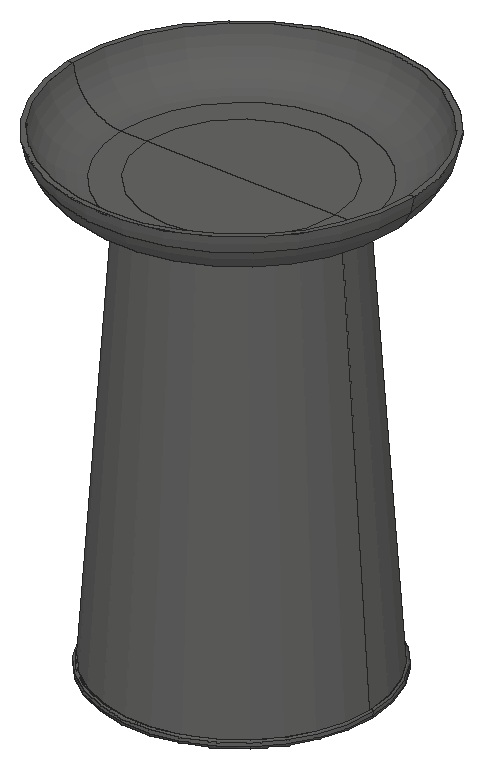
Revit family "Table-Multi_Purpose-Allermuir-Mimosa-MIM05", category Furniture, Revit 2012
Parameters (values of type "MIM05")
  ecoScorecard_data = ""
  ecoScorecard Product Page = ""
  Weight = 0.0 lbf
  Upholstered Seat = ""
  URL = ""
  Subcategory = "Multi-Purpose"
  Specifications URL = ""
  Seat or Top = Fabric - Allermuir - Smooth -Pebbled - Black
  Product Page URL = ""
  Product Line = "Mimosa"
  Pricing URL = ""
  Plugin Data URL = ""
  Overall Width = 15.75"  # constant formula
  Overall Height = 21.66"  # constant formula
  Overall Depth = 15.75"  # constant formula
  Model = "MIM05"  # constant formula
  Manufacturer Toll Free Phone = "(888) 887 5806"  # constant formula
  Manufacturer Phone = "(419) 887 5806"  # constant formula
  Manufacturer Fax = "(419) 887 5805"  # constant formula
  Manufacturer Email = "mailto:contact@allermuir-na.com"
  Manufacturer Address = "1630 Holland Road, Maumee, Ohio 43537 "  # constant formula
  Manufacturer = "Allermuir"  # constant formula
  LEED Stats URL = ""
  Fabric Spec Sheets = ""
  Description = ""
  Default Elevation = 48"
  Color Availability = ""
  CAD Blocks URL = ""
  Brochure URL = ""
  Base = Fabric - Allermuir - Smooth -Pebbled - Black
  Assembly Code = "E2020200"
  95 CSI = "12510"  # constant formula
  04 CSI = "12 51 00"  # constant formula
Reference planes (in)
  plane 1 "Center Front/Back": y = 0
  plane 2: z = 0
  plane 3 "Center Left/Right": x = 0
  plane 4 "Back": y = 7.875
  plane 5 "Front": y = -7.875
  plane 6 "Left": x = -7.875
  plane 7 "Right": x = 7.875
  plane 8 "Top": z = 21.66
Dimensions and locks (in)
  equal spacing: plane 4 "Back", plane 1 "Center Front/Back", plane 5 "Front"
  "Overall Depth": plane 5 "Front" to plane 4 "Back"
  equal spacing: plane 6 "Left", plane 3 "Center Left/Right", plane 7 "Right"
  "Overall Width": plane 6 "Left" to plane 7 "Right"
  "Overall Height": plane 8 "Top" to level
  aligned and locked: plane 1 "Center Front/Back" to nested 1
  aligned and locked: plane 3 "Center Left/Right" to nested 1
Nested families (in)
  nested 1: "MIM05" at (0, 0, 0), type "MIM05"
Definition of nested family "MIM05"
  Parameters (values of type "MIM05")
    Seat = Fabric - Allermuir - Smooth -Pebbled - Black
    Base = Fabric - Allermuir - Smooth -Pebbled - Black
  Reference planes (in)
    plane 1 "Center Front/Back": y = 0
    plane 2: z = 0
    plane 3 "Center Left/Right": x = 0
    plane 4: y = 7.75781
    plane 5: x = 7.75
    plane 6: z = 32.41762
    plane 7: y = -7.75781
    plane 8: x = -7.75
  Forms (in)
    Revolve 1, solid, material "Fabric - Allermuir - Smooth -Pebbled - Black" <- "Base"
      sketch origin (0, 0, 0) x (1, 0, 0) y (0, 0, 1)
        loop
          line (-5.82936, 0) -> (0, 0) -> (0, 19.4861) -> (-4.45143, 19.4861) -> (-5.78732, 0.3162) -> (-5.8256, 0.3162)
          arc (-5.8256, 0.3162) -> (-5.87958, 0.29494) -> (-5.90455, 0.24257) r 0.07914
          line (-5.90455, 0.24257) -> (-5.91505, 0.09187)
          arc (-5.91505, 0.09187) -> (-5.89218, 0.02731) -> (-5.82936, 0) r 0.0859
        axis (0, 19.4861) -> (0, 0)
      angle from 0 to 360
    Revolve 2, solid, material "Fabric - Allermuir - Smooth -Pebbled - Black" <- "Seat"
      sketch origin (0, 0, 0) x (1, 0, 0) y (0, 0, 1)
        loop
          line (-5.41413, 19.46588) -> (0, 19.46585) -> (0, 19.66509) -> (-4.23926, 19.66509) -> (-5.41413, 19.6651)
          arc (-5.41413, 19.6651) -> (-6.87528, 20.23715) -> (-7.55968, 21.64916) r 2.15214
          line (-7.55968, 21.64916) -> (-7.77221, 21.64916)
          arc (-7.77221, 21.64916) -> (-7.70789, 21.2857) -> (-7.59358, 20.93474) r 2.64371
          arc (-7.59358, 20.93474) -> (-6.72824, 19.86738) -> (-5.41413, 19.46588) r 2.35136
        axis (0, 21.64916) -> (0, 19.46585)
      angle from 0 to 360
  Lines and regions (in)
    symbolic lines, style "Table"
      curve 1: circle (0, 0, 0) r 7.77221 normal (0, 0, 1)
      curve 2: circle (0, 0, 0) r 7.55968 normal (0, 0, -1)
      curve 3: circle (0, 0, 0) r 5.5 normal (0, 0, 1)
  Dimensions and locks (in)
    plane 6 to level = 32.41762"
    aligned and locked: level to plane 2
